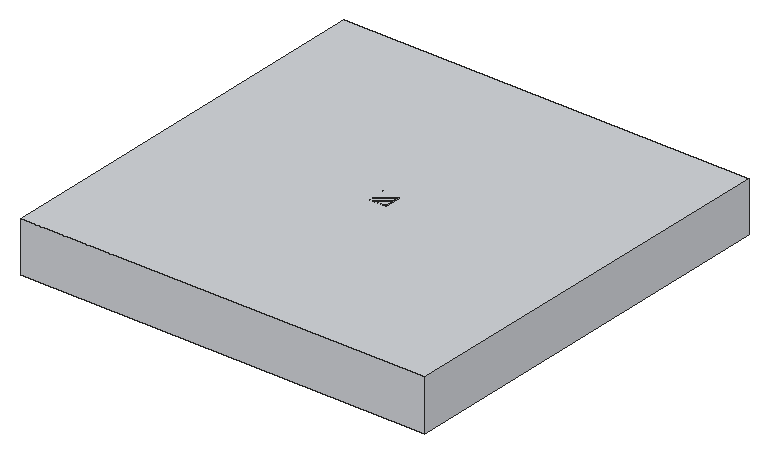
Revit family "Caixa de dreno sifonado - Quadrada", category Peças hidrossanitárias, Revit 2019
Family settings
  Hospedeiro = Face
  Cota do conector redondo = Usar raio
  Tipo de parte = Normal
  Corte com vazios quando carregada = Não
  Compartilhado = Não
  Ponto de cálculo do ambiente = Não
Parameters (values of type "100mm x 100mm Filtro - 50mm Dreno")
  WFU = 2
  Tamanho da marca de cota 2 = 20 mm
  Tamanho da marca de cota 1 = 25 mm
  Comprimento do filtro = 100.00 mm
  Material do filtro = none
  Comprimento da tubulação = 100.00 mm
  Raio da tubulação 2 = 20 mm
  Raio da tubulação 1 = 25 mm
  Altura do dreno = 108.66 mm
  Material da drenagem = none
  Default Elevation = 0.00 mm
Reference planes
  plane 1 "Centro (Frente/Trás)": y = 0
  plane 2: z = 0
  plane 3 "Centro (Esquerda/Direita)": x = 0
  plane 4: z = -7.06
  plane 5: z = -108.66
  plane 6: x = -50
  plane 7: y = 50
  plane 8: x = 50
  plane 9: y = -50
Forms (mm)
  Extrusion 1, solid
    sketch origin (0, 0, 0) x (1, 0, 0) y (0, 1, 0)
      loop
        line (-1219.2, 1219.2) -> (-1219.2, -1219.2) -> (1219.2, -1219.2) -> (1219.2, 1219.2) -> (-1219.2, 1219.2)
    from 0 to -304.8
  Revolve 2, solid, material <- "Material do filtro", detail levels fine
    sketch origin (0, -0.024, -43.56) x (-1, 0, 0) y (0, 0, -1)
      loop
        line (0, -36.5) -> (0, 65.1) -> (-43.087, 65.1)
        arc (-43.087, 65.1) -> (-47.975, 63.075) -> (-50, 58.187) r 6.913
        line (-50, 58.187) -> (-50, -36.5) -> (0, -36.5)
      axis (0, -36.5) -> (0, 65.1)
    angle from 0 to 360
  Extrusion 3, solid, material <- "Material do filtro", detail levels fine
    sketch origin (0, 0, -43.56) x (-1, 0, 0) y (0, -1, 0)
      loop
        line (-50, -50) -> (50, -50) -> (50, 50) -> (-50, 50) -> (-50, -50)
    from 36.5 to 43.56
  Revolve 4, solid, material <- "Material do filtro", detail levels fine
    sketch origin (0, 0, 0) x (1, 0, 0) y (0, 0, 1)
      loop
        line (100, -48.66) -> (100, -23.66) -> (0, -23.66) -> (0, -48.66) -> (100, -48.66)
      axis (100, -48.66) -> (0, -48.66)
    angle from 0 to 360
  Revolve 5, solid, material <- "Material do filtro", detail levels fine
    sketch origin (0, 0, 0) x (1, 0, 0) y (0, 0, 1)
      loop
        line (-62.844, -68.66) -> (0, -68.66) -> (0, -48.66) -> (-62.844, -48.66) -> (-62.844, -68.66)
      axis (0, -48.66) -> (-62.844, -48.66)
    angle from 0 to 360
  Revolve 6, solid, material <- "Material do filtro", detail levels fine
    sketch origin (0, 0, 0) x (0, 1, 0) y (0, 0, 1)
      loop
        line (65.932, -68.66) -> (65.932, -48.66) -> (0, -48.66) -> (0, -68.66) -> (65.932, -68.66)
      axis (0, -48.66) -> (65.932, -48.66)
    angle from 0 to 360
  Revolve 7, solid, material <- "Material do filtro", detail levels fine
    sketch origin (0, 0, 0) x (0, -1, 0) y (0, 0, 1)
      loop
        line (65.932, -68.66) -> (65.932, -48.66) -> (0, -48.66) -> (0, -68.66) -> (65.932, -68.66)
      axis (0, -48.66) -> (65.932, -48.66)
    angle from 0 to 360
Cuts and joins
  joined: Revolve 2, Revolve 4, Revolve 5, Revolve 6, Revolve 7
Lines and regions (mm)
  reference lines
    curve 1: line (100, 0, -48.66) -> (0, 0, -48.66)
    curve 2: line (0, -50, -48.66) -> (0, 50, -48.66)
  model lines, detail levels coarse+medium
    curve 3: line (100, 0, -48.66) -> (50, 0, -48.66)
    curve 4: line (-62.844, 0, -48.66) -> (-50, 0, -48.66)
    curve 5: line (0, 65.932, -48.66) -> (0, 50, -48.66)
    curve 6: line (0, -65.932, -48.66) -> (0, -50, -48.66)
    curve 7: line (-20, 65.932, -48.66) -> (0, 65.932, -48.66)
    curve 8: line (20, 65.932, -48.66) -> (0, 65.932, -48.66)
    curve 9: line (-62.844, 20, -48.66) -> (-62.844, 0, -48.66)
    curve 10: line (-62.844, -20, -48.66) -> (-62.844, 0, -48.66)
    curve 11: line (-20, -65.932, -48.66) -> (0, -65.932, -48.66)
    curve 12: line (20, -65.932, -48.66) -> (0, -65.932, -48.66)
    curve 13: line (100, -25, -48.66) -> (100, 0, -48.66)
    curve 14: line (100, 25, -48.66) -> (100, 0, -48.66)
    curve 15: circle (0, 0, -48.66) r 50 normal (0, 0, 1)
Dimensions and locks
  "Altura do dreno": Extrusion 1 to plane 5
  locked: Extrusion 1 to plane 4 at 7.06
  "Comprimento da tubulação": curve 1 to plane 3 "Centro (Esquerda/Direita)"
  equal spacing: plane 8, plane 3 "Centro (Esquerda/Direita)", plane 6
  "Comprimento do filtro": plane 8 to plane 6
  equal spacing: plane 7, plane 1 "Centro (Frente/Trás)", plane 9
  "Comprimento do filtro": plane 7 to plane 9
  "Raio da tubulação 1": Revolve 4 sketch curve to Revolve 4 sketch curve
  locked: curve 2 to plane 5 at 60
  "Raio da tubulação 2": Revolve 7 sketch curve to Revolve 7 sketch curve
  "Raio da tubulação 2": Revolve 6 sketch curve to Revolve 6 sketch curve
  "Raio da tubulação 2": Revolve 5 sketch curve to Revolve 5 sketch curve
  "Tamanho da marca de cota 1": curve 13 to plane 1 "Centro (Frente/Trás)"
  "Tamanho da marca de cota 1": plane 1 "Centro (Frente/Trás)" to curve 14
  "Tamanho da marca de cota 2": curve 7 to plane 3 "Centro (Esquerda/Direita)"
  "Tamanho da marca de cota 2": plane 3 "Centro (Esquerda/Direita)" to curve 8
  "Tamanho da marca de cota 2": plane 1 "Centro (Frente/Trás)" to curve 9
  "Tamanho da marca de cota 2": curve 10 to plane 1 "Centro (Frente/Trás)"
  "Tamanho da marca de cota 2": curve 11 to plane 3 "Centro (Esquerda/Direita)"
  "Tamanho da marca de cota 2": plane 3 "Centro (Esquerda/Direita)" to curve 12
  aligned and locked: plane 2 to Extrusion 1
  aligned and locked: level to Extrusion 1
  aligned and locked: Revolve 2 sketch curve to plane 5
  aligned and locked: Revolve 2 sketch curve to plane 4
  aligned and locked: plane 3 "Centro (Esquerda/Direita)" to Revolve 2 sketch curve
  aligned and locked: Extrusion 3 to Revolve 2
  aligned and locked: level to Extrusion 3
  aligned and locked: Revolve 2 sketch curve to plane 8
  aligned and locked: plane 3 "Centro (Esquerda/Direita)" to curve 1
  aligned and locked: Revolve 4 sketch curve to curve 1  (x3)
  aligned and locked: plane 3 "Centro (Esquerda/Direita)" to Revolve 4 sketch curve
  aligned and locked: curve 1 to Revolve 5 sketch curve  (x2)
  aligned and locked: Revolve 5 sketch curve to Revolve 4
  aligned and locked: Revolve 6 sketch curve to Revolve 6 sketch curve
  aligned and locked: curve 2 to Revolve 6 sketch curve  (x2)
  aligned and locked: Revolve 7 sketch curve to Revolve 7 sketch curve
  aligned and locked: Revolve 7 sketch curve to curve 2
  aligned and locked: curve 11 to curve 12
Automatic sketch dimensions
  Extrusion 1 sketch curve to Extrusion 1 sketch curve = 2438.40 mm  (x2)
  Revolve 2 sketch curve to plane 3 "Centro (Esquerda/Direita)" = 0.00 mm
  Revolve 2 sketch curve to Revolve 2 sketch curve = 6.913 mm
  Revolve 2 sketch curve to Revolve 2 sketch curve = 15.10 mm
  Revolve 2 sketch curve to Revolve 2 sketch curve = 5.10 mm
  Extrusion 3 sketch curve to plane 8 = 0.00 mm
  Extrusion 3 sketch curve to plane 6 = 0.00 mm
  plane 7 to Extrusion 3 sketch curve = 0.00 mm
  Extrusion 3 sketch curve to plane 9 = 0.00 mm
  Revolve 4 sketch curve to plane 3 "Centro (Esquerda/Direita)" = 0.00 mm
  Revolve 4 sketch curve to Revolve 4 sketch curve = 0.00 mm
  plane 6 to Revolve 5 sketch curve = 20.00 mm
  Revolve 5 sketch curve to plane 6 = 12.844 mm
  plane 8 to Revolve 5 sketch curve = 20.00 mm
  Revolve 6 sketch curve to plane 1 "Centro (Frente/Trás)" = 0.00 mm
  Revolve 6 sketch curve to Revolve 6 sketch curve = 6.979 mm
  Revolve 6 sketch curve to plane 7 = 15.932 mm
  curve 2 to plane 9 = 0.00 mm
  curve 2 to plane 7 = 0.00 mm
  Revolve 7 sketch curve to plane 1 "Centro (Frente/Trás)" = 0.00 mm
  Revolve 7 sketch curve to plane 1 "Centro (Frente/Trás)" = 6.979 mm
  plane 9 to Revolve 7 sketch curve = 15.932 mm
  Revolve 7 sketch curve to Revolve 7 sketch curve = 0.00 mm
  plane 1 "Centro (Frente/Trás)" to curve 10 = 0.00 mm
  curve 4 to plane 6 = 0.00 mm
  curve 6 to plane 3 "Centro (Esquerda/Direita)" = 0.00 mm
  curve 7 to plane 3 "Centro (Esquerda/Direita)" = 0.00 mm
  plane 1 "Centro (Frente/Trás)" to curve 15 = 0.00 mm
  curve 15 to plane 3 "Centro (Esquerda/Direita)" = 0.00 mm
  plane 1 "Centro (Frente/Trás)" to curve 13 = 0.00 mm
  curve 9 to plane 6 = 12.844 mm
  curve 13 to plane 8 = 50.00 mm
  curve 11 to plane 9 = 15.932 mm
  curve 7 to plane 7 = 15.932 mm
  curve 1 to plane 4 = 41.60 mm
Connectors
  piping at (100, 0, -48.66), diameter 50, driven by "Raio da tubulação 1", driven by "WFU"
    settings: on cut or joined group of Revolve 2, Revolve 4, Revolve 5, Revolve 6, Revolve 7, index 1, connector inside diameter 50 mm, connector length 0.00 mm, flow factor 0, pipe flow 0 GPM, pressure drop 0.00 psi, fitting loss kfactor 0, connector angle 0.00°, fixture units 2, engagement length 0.00 mm, angle of deflection 0.00°, flow configuration 3, flow direction 2, fitting loss method 0, system type 16, joint type 0, gender type 0, connector reference index -1, connector utility 0, adjustable connector no, is connector primary no, connector description ""
  piping at (-62.844, 0, -48.66), diameter 40, driven by "Raio da tubulação 2"
    settings: on cut or joined group of Revolve 2, Revolve 4, Revolve 5, Revolve 6, Revolve 7, index 2, connector inside diameter 40 mm, connector length 0.00 mm, flow factor 0, pipe flow 0 GPM, pressure drop 0.00 psi, fitting loss kfactor 0, connector angle 0.00°, fixture units 0, engagement length 0.00 mm, angle of deflection 0.00°, flow configuration 0, flow direction 1, fitting loss method 0, system type 16, joint type 0, gender type 0, connector reference index -1, connector utility 0, adjustable connector no, is connector primary yes, connector description ""
  piping at (0, 65.932, -48.66), diameter 40, driven by "Raio da tubulação 2"
    settings: on cut or joined group of Revolve 2, Revolve 4, Revolve 5, Revolve 6, Revolve 7, index 3, connector inside diameter 40 mm, connector length 0.00 mm, flow factor 0, pipe flow 0 GPM, pressure drop 0.00 psi, fitting loss kfactor 0, connector angle 0.00°, fixture units 0, engagement length 0.00 mm, angle of deflection 0.00°, flow configuration 0, flow direction 1, fitting loss method 0, system type 16, joint type 0, gender type 0, connector reference index -1, connector utility 0, adjustable connector no, is connector primary no, connector description ""
  piping at (0, -65.932, -48.66), diameter 40, driven by "Raio da tubulação 2"
    settings: on cut or joined group of Revolve 2, Revolve 4, Revolve 5, Revolve 6, Revolve 7, index 4, connector inside diameter 40 mm, connector length 0.00 mm, flow factor 0, pipe flow 0 GPM, pressure drop 0.00 psi, fitting loss kfactor 0, connector angle 0.00°, fixture units 0, engagement length 0.00 mm, angle of deflection 0.00°, flow configuration 0, flow direction 1, fitting loss method 0, system type 16, joint type 0, gender type 0, connector reference index -1, connector utility 0, adjustable connector no, is connector primary no, connector description ""
